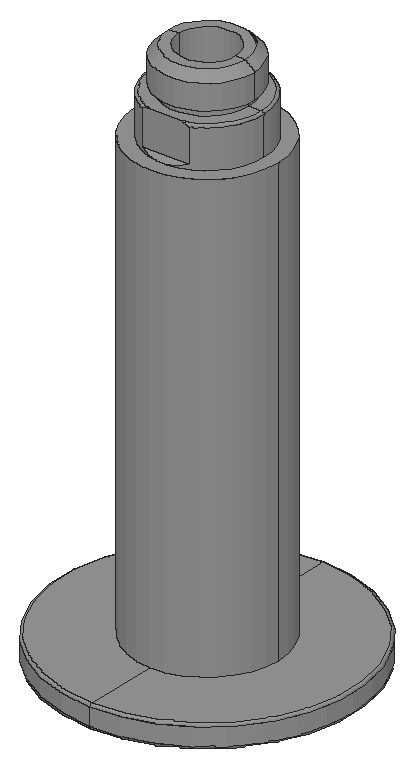
Revit family "Shower-Ceiling_Mount-Showerarm-KOHLER-K-15398T", category Plumbing Fixtures, host Face, Revit 2017
Family settings
  Host = Face
  Round Connector Dimension = Use Diameter
  Part Type = Normal
  OmniClass Number = 23.31.17.00
  OmniClass Title = Showers
  Cut with Voids When Loaded = No
  Shared = No
  Room Calculation Point = No
Parameters (values of type "Not A Type - See Type Catalog")
  Width = 2 143/256"  # constant formula
  WaterSense Certified = 1 = 0  # no
  Waste Water Outlet = "Waste Water Outlet"  # constant formula
  Waste Connection = 1 = 0  # no
  Vent Connection = 1 = 0  # no
  URL = "http://www.kohler.com.cn/"
  Type = 0
  Product Page URL = "https://www.kohler.com.cn/product/K-15398T-B-CP/K-15398T-B-2MB/"
  Product Name = ""
  Product Documentation Link = "https://files.kohler.com.cn/pdfs/1532355187169_15397T-B-CP%2015396T-B-CP%2015399T-B-CP%2015398T-B-CP%2021776T-CP%20%E5%AE%89%E8%A3%85%E8%AF%B4%E6%98%8E%E4%B9%A6.pdf"
  Pressure = 0.00 psi
  Model = if(Type = 1, "K-15398T-B-2BZ", if(Type = 2, "K-15398T-B-RGD ", if(Type = 3, "K-15398T-B-TT", if(Type = 4, "K-15398T-B-BV", if(Type = 5, "K-15398T-B-PGD", if(Type = 6, "K-15398T-B-SN", if(Type = 7, "K-15398T-B-BN", if(Type = 8, "K-15398T-B-AF", if(Type = 9, "K-15398T-B-CP", if(Type = 10, "K-15398T-B-2BL", if(Type = 11, "K-15398T-B-BL", if(Type = 12, "K-15398T-B-2MB", "NA"))))))))))))  # "NA"
  Material = "Premium Metal Construction"  # constant formula
  Master Format 2014 Name = "Residential Showers"  # constant formula
  Master Format 2014 = "22 42 23"  # constant formula
  Manufacturer Address = "Kohler Beijing Office (100016) 36-2-03-B, No. 88, Liuxiang Road, Beijing"  # constant formula
  Manufacturer = "KOHLER Co."  # constant formula
  Length = 2 143/256"  # constant formula
  Hot Water Inlet = "Tempered Water Inlet"  # constant formula
  Height = 4 103/128"  # constant formula
  HW Connection = 1 = 1  # yes
  Flow Rate = 0 GPM
  Finish = Default
  Environmental Product Declaration = ""
  Drain Included = 1 = 0  # no
  Description = "Ceiling Mount Shower Arm 5 inch"  # constant formula
  Default Elevation = 72"
  Declare Label = ""
  Date Modified = "09/23/2020"  # constant formula
  Date Created = "09/23/2020"  # constant formula
  Copyright = "Copyright KOHLER Co."  # constant formula
  Contact Us = "http://www.kohler.com.cn/contact/contact-us/"
  Cold Water Inlet = "Cold Water Inlet"  # constant formula
  CW Connection = 1 = 0  # no
  Assembly Code = "D2010700"
  ADA Compliant = 1 = 0  # no
Reference planes (in)
  plane 1 "Center (Front/Back)": y = 0
  plane 2: z = 0
  plane 3 "Center (Left/Right)": x = 0
  plane 4: y = 1.27953
  plane 5: y = -1.27907
  plane 6: x = -1.27953
  plane 7: x = 1.27907
  plane 8: z = 4.80469
Dimensions and locks (in)
  "Width": plane 6 to plane 7
  "Height": level to plane 8
  "Length": plane 4 to plane 5
  aligned and locked: plane 2 to host face
  aligned and locked: level to host face
Automatic sketch dimensions
  host sketch curve to host sketch curve = 96"  (x2)
Nested families (in)
  nested 1: "K-15398T" at (0, 0, 0), type "K-15398T"
Connectors (in)
  piping at (0, 0, 0), diameter 0.5, driven by "HW Connection", driven by "Hot Water Inlet"
    settings: on nested 1, index 1, connector inside diameter 24", connector length 0", flow factor 0, pipe flow 0 GPM, pressure drop 0.00 psi, fitting loss kfactor 0, connector angle 0.00°, fixture units 0, engagement length 0", angle of deflection 0.00°, flow configuration 0, flow direction 1, fitting loss method 0, system type 19, joint type 0, gender type 0, connector reference index -1, connector utility 1, adjustable connector no, is connector primary yes, connector description "Tempered Water Inlet"
Definition of nested family "K-15398T"
  Parameters (values of type "K-15398T")
    Material = none
  Reference planes (in)
    plane 1 "Center (Front/Back)": y = 0
    plane 2: z = 0
    plane 3 "Center (Left/Right)": x = 0
    plane 4: y = 1.27953
    plane 5: y = -1.27953
    plane 6: x = -1.27953
    plane 7: x = 1.27953
    plane 8: z = 4.80315
  Forms (in)
    Revolve 1, solid, material <- "Material", detail levels medium+fine
      sketch origin (13.74508, 0, 2.04724) x (0, 0, -1) y (-1, 0, 0)
        loop
          line (-2.40157, 14.11116) -> (-2.46457, 14.11116) -> (-2.46457, 14.15664) -> (-2.68109, 14.15664) -> (-2.75591, 14.08182) -> (-2.75591, 13.99508) -> (-2.04724, 13.99508) -> (-2.04724, 14.24113) -> (-2.38038, 14.24113)
          arc (-2.38038, 14.24113) -> (-2.39537, 14.23492) -> (-2.40157, 14.21993) r 0.0212
          line (-2.40157, 14.21993) -> (-2.40157, 14.11116)
        axis (-2.04724, 13.74508) -> (-2.75591, 13.74508)
      angle from 0 to 360
    Revolve 2, solid, material <- "Material", detail levels medium+fine
      sketch origin (0, 0, 0) x (0, 1, 0) y (0, 0, 1)
        loop
          arc (-1.25845, 0.19685) -> (-1.27335, 0.19068) -> (-1.27953, 0.17577) r 0.02108
          line (-1.27953, 0.17577) -> (-1.27953, 0.02065)
          arc (-1.27953, 0.02065) -> (-1.27348, 0.00605) -> (-1.25888, 0) r 0.02065
          line (-1.25888, 0) -> (0, 0) -> (0, 0.19685) -> (-1.25845, 0.19685)
        axis (0, 0) -> (0, 0.19685)
      angle from 0 to 360
    Revolve 3, solid, material <- "Material", detail levels coarse
      sketch origin (0, 0, 0) x (0, 1, 0) y (0, 0, 1)
        loop
          line (-1.27953, 0.19685) -> (-1.27953, 0) -> (0, 0) -> (0, 0.19685) -> (-1.27953, 0.19685)
        axis (0, 0) -> (0, 0.19685)
      angle from 0 to 360
    Extrusion 4, solid, material <- "Material"
      sketch origin (0, 0, 0) x (1, 0, 0) y (0, 1, 0)
        loop
          circle (0, 0) r 0.25
      from 0 to 0.0625
    Extrusion 5, solid, material <- "Material", detail levels medium+fine
      sketch origin (0, 0, 0) x (1, 0, 0) y (0, 1, 0)
        loop
          circle (0, 0) r 0.625
      from 0.19685 to 4.09449
    Extrusion 6, void
      sketch origin (0, 0, 0) x (0, 1, 0) y (0, 0, 1)
        loop
          line (0.625, 4.09449) -> (0.625, 4.47812) -> (0.45472, 4.47812) -> (0.45472, 4.13386) -> (0.49409, 4.09449) -> (0.625, 4.09449)
        loop
          line (-0.625, 4.09449) -> (-0.49409, 4.09449) -> (-0.45472, 4.13386) -> (-0.45472, 4.47812) -> (-0.625, 4.47812) -> (-0.625, 4.09449)
      from 1 to -1
    Revolve 7, solid, material <- "Material", detail levels coarse
      sketch origin (13.74508, 0, 2.04724) x (0, 0, -1) y (-1, 0, 0)
        loop
          line (-2.75591, 13.99508) -> (-2.04724, 13.99508) -> (-2.04724, 13.74508) -> (1.85039, 13.74508) -> (1.85039, 14.37008) -> (-2.04724, 14.37008) -> (-2.04724, 14.24113) -> (-2.75591, 14.24113) -> (-2.75591, 13.99508)
        axis (1.85039, 13.74508) -> (-2.75591, 13.74508)
      angle from 0 to 360
  Cuts and joins
    Extrusion 6 cuts Revolve 1
    Extrusion 6 cuts Extrusion 5
    joined: Revolve 2, Extrusion 5
    joined: Revolve 3, Revolve 7
  Lines and regions (in)
    Masking region 1
      outline origin (0, 0, 0) x (1, 0, 0) y (0, 1, 0)
        loop
          circle (0, 0) r 1.27953
    Masking region 2
      outline origin (0, 0, 0) x (0, 1, 0) y (0, 0, 1)
        loop
          arc (1.25792, 0) -> (1.2732, 0.00633) -> (1.27953, 0.0216) r 0.0216
          line (1.27953, 0.0216) -> (1.27953, 0.17525)
          arc (1.27953, 0.17525) -> (1.2732, 0.19052) -> (1.25792, 0.19685) r 0.0216
          line (1.25792, 0.19685) -> (0.625, 0.19685) -> (0.625, 4.09449) -> (0.49409, 4.09449) -> (0.45472, 4.13386) -> (0.45472, 4.44882) -> (0.36608, 4.44882) -> (0.36608, 4.51181) -> (0.41156, 4.51181) -> (0.41156, 4.72833) -> (0.33674, 4.80315) -> (-0.33674, 4.80315) -> (-0.41156, 4.72833) -> (-0.41156, 4.51181) -> (-0.36608, 4.51181) -> (-0.36608, 4.44882) -> (-0.45472, 4.44882) -> (-0.45472, 4.13386) -> (-0.49409, 4.09449) -> (-0.625, 4.09449) -> (-0.625, 0.19685) -> (-1.25792, 0.19685)
          arc (-1.25792, 0.19685) -> (-1.2732, 0.19052) -> (-1.27953, 0.17525) r 0.0216
          line (-1.27953, 0.17525) -> (-1.27953, 0.0216)
          arc (-1.27953, 0.0216) -> (-1.2732, 0.00633) -> (-1.25792, 0) r 0.0216
          line (-1.25792, 0) -> (1.25792, 0)
    Masking region 3
      outline origin (0, 0, 0) x (1, 0, 0) y (0, 0, 1)
        loop
          line (-1.25792, 0) -> (1.25792, 0)
          arc (1.25792, 0) -> (1.2732, 0.00633) -> (1.27953, 0.0216) r 0.0216
          line (1.27953, 0.0216) -> (1.27953, 0.17525)
          arc (1.27953, 0.17525) -> (1.2732, 0.19052) -> (1.25792, 0.19685) r 0.0216
          line (1.25792, 0.19685) -> (0.625, 0.19685) -> (0.625, 4.09449) -> (0.49605, 4.09449) -> (0.49605, 4.42692)
          arc (0.49605, 4.42692) -> (0.48963, 4.44241) -> (0.47415, 4.44882) r 0.0219
          line (0.47415, 4.44882) -> (0.36608, 4.44882) -> (0.36608, 4.51181) -> (0.41156, 4.51181) -> (0.41156, 4.72833) -> (0.33674, 4.80315) -> (-0.33674, 4.80315) -> (-0.41156, 4.72833) -> (-0.41156, 4.51181) -> (-0.36608, 4.51181) -> (-0.36608, 4.44882) -> (-0.47415, 4.44882)
          arc (-0.47415, 4.44882) -> (-0.48963, 4.44241) -> (-0.49605, 4.42692) r 0.0219
          line (-0.49605, 4.42692) -> (-0.49605, 4.09449) -> (-0.625, 4.09449) -> (-0.625, 0.19685) -> (-1.25792, 0.19685)
          arc (-1.25792, 0.19685) -> (-1.2732, 0.19052) -> (-1.27953, 0.17525) r 0.0216
          line (-1.27953, 0.17525) -> (-1.27953, 0.0216)
          arc (-1.27953, 0.0216) -> (-1.2732, 0.00633) -> (-1.25792, 0) r 0.0216
    symbolic lines, detail levels medium+fine
      curve 1: line (0, 0.625, 0.19685) -> (0, -0.625, 0.19685)
      curve 2: line (0, 1.27953, 0.17616) -> (0, -1.27953, 0.17616)
      curve 3: line (0, 1.27953, 0.0208) -> (0, -1.27953, 0.0208)
      curve 4: line (0, 0.49409, 4.09449) -> (0, -0.49409, 4.09449)
      curve 5: line (0, 0.36608, 4.44882) -> (0, -0.36608, 4.44882)
      curve 6: line (0, 0.36608, 4.51181) -> (0, -0.36608, 4.51181)
      curve 7: line (0, 0.41156, 4.72833) -> (0, -0.41156, 4.72833)
      curve 8: line (0, 0.41156, 4.62007) -> (0, -0.41156, 4.62007)
      curve 9: line (0, 0.41156, 4.67476) -> (0, -0.41156, 4.67476)
      curve 10: line (0, 0.41156, 4.56538) -> (0, -0.41156, 4.56538)
      curve 11: line (-1.27953, 0, 0.17525) -> (1.27953, 0, 0.17525)
      curve 12: line (1.27953, 0, 0.0216) -> (-1.27953, 0, 0.0216)
      curve 13: line (-0.625, 0, 0.19685) -> (0.625, 0, 0.19685)
      curve 14: line (-0.49605, 0, 4.09449) -> (0.49605, 0, 4.09449)
      curve 15: line (-0.41156, 0, 4.72833) -> (0.41156, 0, 4.72833)
      curve 16: line (-0.36608, 0, 4.51181) -> (0.36608, 0, 4.51181)
      curve 17: line (-0.36608, 0, 4.44882) -> (0.36608, 0, 4.44882)
      curve 18: line (-0.41156, 0, 4.67364) -> (0.41156, 0, 4.67364)
      curve 19: line (-0.41156, 0, 4.61896) -> (0.41156, 0, 4.61896)
      curve 20: line (-0.41156, 0, 4.56427) -> (0.41156, 0, 4.56427)
      curve 21: line (-0.19821, 0, 4.13386) -> (-0.19821, 0, 4.42762)
      curve 22: line (0.19821, 0, 4.13386) -> (0.19821, 0, 4.42762)
      curve 23: line (-0.19821, 0, 4.13386) -> (0.19821, 0, 4.13386)
      curve 24: arc (-0.17656, 0, 4.4446) -> (-0.1601, 0, 4.44776) -> (-0.14337, 0, 4.44882) r 0.13273
      curve 25: arc (-0.19173, 0, 4.43783) -> (-0.18443, 0, 4.44185) -> (-0.17656, 0, 4.4446) r 0.05001
      curve 26: arc (-0.19821, 0, 4.42762) -> (-0.19606, 0, 4.43342) -> (-0.19173, 0, 4.43783) r 0.01487
      curve 27: arc (0.17656, 0, 4.4446) -> (0.1601, 0, 4.44776) -> (0.14337, 0, 4.44882) r 0.13273
      curve 28: arc (0.19821, 0, 4.42762) -> (0.19606, 0, 4.43342) -> (0.19173, 0, 4.43783) r 0.01487
      curve 29: arc (0.19173, 0, 4.43783) -> (0.18443, 0, 4.44185) -> (0.17656, 0, 4.4446) r 0.05001
      curve 30: spline (-0.04398, 0, 4.09449) -> (-0.05759, 0, 4.09594) -> (-0.07112, 0, 4.09774) -> (-0.08456, 0, 4.09988) -> (-0.09788, 0, 4.10235) -> (-0.11106, 0, 4.10516) -> (-0.12409, 0, 4.1083) -> (-0.13696, 0, 4.11177) -> (-0.14964, 0, 4.11556) -> (-0.16212, 0, 4.11967) -> (-0.17439, 0, 4.1241) -> (-0.18643, 0, 4.12883) -> (-0.19821, 0, 4.13386)
      curve 31: spline (0.19821, 0, 4.13386) -> (0.18643, 0, 4.12883) -> (0.17439, 0, 4.1241) -> (0.16212, 0, 4.11967) -> (0.14964, 0, 4.11556) -> (0.13696, 0, 4.11177) -> (0.12409, 0, 4.1083) -> (0.11106, 0, 4.10516) -> (0.09788, 0, 4.10235) -> (0.08456, 0, 4.09988) -> (0.07112, 0, 4.09774) -> (0.05759, 0, 4.09594) -> (0.04398, 0, 4.09449)
      curve 32: circle (0, 0, 0) r 0.625 normal (0, 0, 1)
      curve 33: circle (0, 0, 0) r 0.496 normal (0, 0, 1)
      curve 34: arc (0.25, 0, 0) -> (0, 0.25, 0) -> (-0.25, 0, 0) r 0.25
      curve 35: arc (-0.25, 0, 0) -> (0, -0.25, 0) -> (0.25, 0, 0) r 0.25
      curve 36: arc (-0.33674, 0, 0) -> (0, 0.33674, 0) -> (0.33674, 0, 0) r 0.33674
      curve 37: arc (0.33674, 0, 0) -> (0, -0.33674, 0) -> (-0.33674, 0, 0) r 0.33674
      curve 38: line (-0.19821, 0.45472, 0) -> (0.19821, 0.45472, 0)
      curve 39: line (0.19821, -0.45472, 0) -> (-0.19821, -0.45472, 0)
      curve 40: arc (-0.41156, 0, 0) -> (0, -0.41156, 0) -> (0.41156, 0, 0) r 0.41156
      curve 41: arc (0.41156, 0, 0) -> (0, 0.41156, 0) -> (-0.41156, 0, 0) r 0.41156
      curve 42: circle (0, 0, 0) r 1.25781 normal (0, 0, 1)
  Dimensions and locks (in)
    aligned and locked: plane 2 to level
Types in the file's own list only (12): name | Width | Type | Product Page URL | Product Documentation Link | Model | Length | Height | Finish
  2BZ-Oil Rubbed Bronze | 2 9/16" | 1 | "https://www.kohler.com.cn/product/K-15398T-B-CP/K-15398T-B-2BZ/" | "https://files.kohler.com.cn/pdfs/1532355187169_15397T-B-CP%2015396T-B-CP%2015399T-B-CP%2015398T-B-CP%2021776T-CP%20%E5%AE%89%E8%A3%85%E8%AF%B4%E6%98%8E%E4%B9%A6.pdf" | "K-15398T-B-2BZ" | 2 9/16" | 4 13/16" | Kohler-Metal-2BZ-Elegant_Black
  RGD-Rose Gold | 2 9/16" | 2 | "https://www.kohler.com.cn/product/K-15398T-B-CP/K-15398T-B-RGD/" | "https://files.kohler.com.cn/pdfs/1532355187169_15397T-B-CP%2015396T-B-CP%2015399T-B-CP%2015398T-B-CP%2021776T-CP%20%E5%AE%89%E8%A3%85%E8%AF%B4%E6%98%8E%E4%B9%A6.pdf" | "K-15398T-B-RGD" | 2 9/16" | 4 13/16" | Kohler-Metal-RGD-Rose_Gold
  TT-Titanium | 2 9/16" | 3 | "https://www.kohler.com.cn/product/K-15398T-B-CP/K-15398T-B-TT/" | "https://files.kohler.com.cn/pdfs/1532355187169_15397T-B-CP%2015396T-B-CP%2015399T-B-CP%2015398T-B-CP%2021776T-CP%20%E5%AE%89%E8%A3%85%E8%AF%B4%E6%98%8E%E4%B9%A6.pdf" | "K-15398T-B-TT" | 2 9/16" | 4 13/16" | Kohler-Metal-TT-Titanium_Silver
  BV-Vibrant Brushed Bronze | 2 9/16" | 4 | "https://www.kohler.com.cn/product/K-15398T-B-CP/K-15398T-B-BV/" | "https://files.kohler.com.cn/pdfs/1532355187169_15397T-B-CP%2015396T-B-CP%2015399T-B-CP%2015398T-B-CP%2021776T-CP%20%E5%AE%89%E8%A3%85%E8%AF%B4%E6%98%8E%E4%B9%A6.pdf" | "K-15398T-B-BV" | 2 9/16" | 4 13/16" | Kohler-Metal-BV-Roman_Copper
  PGD-Eternal Gold | 2 9/16" | 5 | "https://www.kohler.com.cn/product/K-15398T-B-CP/K-15398T-B-PGD/" | "https://files.kohler.com.cn/pdfs/1532355187169_15397T-B-CP%2015396T-B-CP%2015399T-B-CP%2015398T-B-CP%2021776T-CP%20%E5%AE%89%E8%A3%85%E8%AF%B4%E6%98%8E%E4%B9%A6.pdf" | "K-15398T-B-PGD" | 2 9/16" | 4 13/16" | Kohler-Metal-PGD-Eternal_Gold
  SN-Champagne Gold | 2 9/16" | 6 | "https://www.kohler.com.cn/product/K-15398T-B-CP/K-15398T-B-SN/" | "https://files.kohler.com.cn/pdfs/1532355187169_15397T-B-CP%2015396T-B-CP%2015399T-B-CP%2015398T-B-CP%2021776T-CP%20%E5%AE%89%E8%A3%85%E8%AF%B4%E6%98%8E%E4%B9%A6.pdf" | "K-15398T-B-SN" | 2 9/16" | 4 13/16" | Kohler-Metal-SN-Champagne_Gold
  BN-Roman Silver | 2 9/16" | 7 | "https://www.kohler.com.cn/product/K-15398T-B-CP/K-15398T-B-BN/" | "https://files.kohler.com.cn/pdfs/1532355187169_15397T-B-CP%2015396T-B-CP%2015399T-B-CP%2015398T-B-CP%2021776T-CP%20%E5%AE%89%E8%A3%85%E8%AF%B4%E6%98%8E%E4%B9%A6.pdf" | "K-15398T-B-BN" | 2 9/16" | 4 13/16" | Kohler-Metal-BN-Roman_Silver
  AF-Flange Gold | 2 9/16" | 8 | "https://www.kohler.com.cn/product/K-15398T-B-CP/K-15398T-B-AF/" | "https://files.kohler.com.cn/pdfs/1532355187169_15397T-B-CP%2015396T-B-CP%2015399T-B-CP%2015398T-B-CP%2021776T-CP%20%E5%AE%89%E8%A3%85%E8%AF%B4%E6%98%8E%E4%B9%A6.pdf" | "K-15398T-B-AF" | 2 9/16" | 4 13/16" | Kohler-Metal-AF-Flange_Gold
  CP-Polished Chrome | 2 9/16" | 9 | "https://www.kohler.com.cn/product/K-15398T-B-CP/K-15398T-B-CP/" | "https://files.kohler.com.cn/pdfs/1532355187169_15397T-B-CP%2015396T-B-CP%2015399T-B-CP%2015398T-B-CP%2021776T-CP%20%E5%AE%89%E8%A3%85%E8%AF%B4%E6%98%8E%E4%B9%A6.pdf" | "K-15398T-B-CP" | 2 9/16" | 4 13/16" | Kohler-Metal-CP-Polished_Chrome
  2BL-Original Black | 2 9/16" | 10 | "https://www.kohler.com.cn/product/K-15398T-B-CP/K-15398T-B-2BL/" | "https://files.kohler.com.cn/pdfs/1532355187169_15397T-B-CP%2015396T-B-CP%2015399T-B-CP%2015398T-B-CP%2021776T-CP%20%E5%AE%89%E8%A3%85%E8%AF%B4%E6%98%8E%E4%B9%A6.pdf" | "K-15398T-B-2BL" | 2 9/16" | 4 13/16" | Kohler-Metal-2BL-Original_Black
  BL-Matte Black | 2 9/16" | 11 | "https://www.kohler.com.cn/product/K-15398T-B-BL/K-15398T-B-BL/" | "https://files.kohler.com.cn/pdfs/1566294571194_15397T-B-CP%2015396T-B-CP%2015399T-B-CP%2015398T-B-CP%2021776T-CP%20%E5%AE%89%E8%A3%85%E8%AF%B4%E6%98%8E%E4%B9%A6.pdf" | "K-15398T-B-BL" | 2 9/16" | 4 13/16" | Kohler-Metal-BL-Matte_Black
  2MB-Vibrant Brushed Moderne Brass | 2 9/16" | 12 | "https://www.kohler.com.cn/product/K-15398T-B-CP/K-15398T-B-2MB/" | "https://files.kohler.com.cn/pdfs/1532355187169_15397T-B-CP%2015396T-B-CP%2015399T-B-CP%2015398T-B-CP%2021776T-CP%20%E5%AE%89%E8%A3%85%E8%AF%B4%E6%98%8E%E4%B9%A6.pdf" | "K-15398T-B-2MB" | 2 9/16" | 4 13/16" | Kohler-Metal-2MB-Vibrant_Brushed_Moderne_Brass
